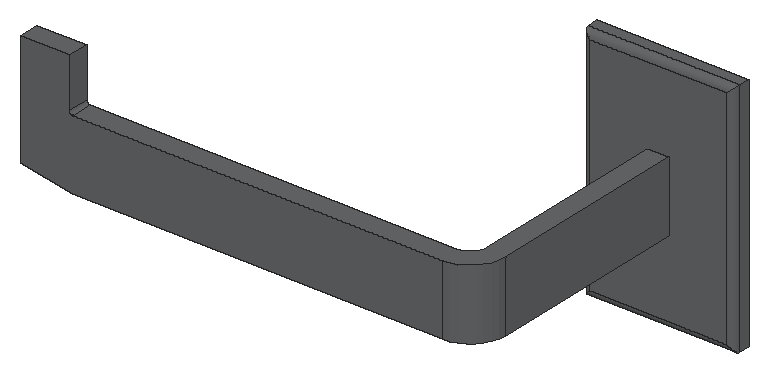
Revit family "Sanitary_Other_Slits_Toilet-Paper-Holder", category Furniture, Revit 2020
Family settings
  OmniClass Number = 23.40.20.00
  OmniClass Title = General Furniture and Specialties
  Work Plane-Based = Yes
  Always vertical = No
  Cut with Voids When Loaded = No
  Shared = No
  Room Calculation Point = No
Parameters (values of type "Slits spare toilet paper holder")
  WarrantyStartDate [instance] = "n/a"
  WarrantyGuarantorParts = "n/a"
  WarrantyGuarantorLabor = "n/a"
  WarrantyDurationUnit = "Years"
  WarrantyDurationParts = "n/a"
  WarrantyDurationLabor = "n/a"
  WarrantyDescription = "n/a"
  VersionDate = "06/07/2023"  # constant formula
  Version = "1"  # constant formula
  Uniclass2015Reference = "Pr_40_70_22_90"
  Uniclass2015Description = "Toilet paper dispensers"
  Uniclass2 = "Pr_40_70_22_90"
  URL = "https://www.svedholm.se/en/products/accessories/slits-toalettpappershallare-2"
  Type Comments = ""
  TagNumber [instance] = "n/a"
  SustainabilityPerformance = "n/a"
  Style = "n/a"
  Size = "68x149x73 mm"
  Shape = "Sculptured"
  SerialNumber [instance] = "n/a"
  Revision = "n/a"
  ReplacementCost = "n/a"
  ProductInformation = "A toilet paper holder made of powder coated steel. All colours are available upon request.\r\nThe entire SLITS collection is approved by the Swedish BYGGVARUBEDÖMNINGEN and assessed in SundaHus Material Data."
  NominalLength = 148.5 mm
  NominalHeight = 68 mm
  NominalDepth = 73 mm
  Name = "Slits_Toilet-Paper-Holder"
  NBSReference = "45-35-72/336"
  NBSDescription = "Mirrors"
  ModelReference = "n/a"
  ModelNumber = "410.600.053 for right / 410.600.054  for left"
  MirrorMainMaterial = RAL 7021
  Material = "Metal"
  ManufacturerURL = "https://www.svedholm.se/en"
  ManufacturerName = "Svedholm"
  Model = "Slits spare toilet paper holder"
  Manufacturer = "Svedholm"
  MainColor = "White"
  InstallationDate [instance] = "n/a"
  IfcExportType = "MIRROR"  # constant formula
  IfcExportAs = "IfcFurnishingElementType"  # constant formula
  Grade = "n/a"
  Finish = "n/a"
  Features = "n/a"
  ExpectedLife = "n/a"
  DurationUnit = "Year"
  Description = "A toilet paper holder made of powder coated steel. All colours are available upon request.\r\nThe entire SLITS collection is approved by the Swedish BYGGVARUBEDÖMNINGEN and assessed in SundaHus Material Data."
  Default Elevation = 1219.2 mm
  Cost = 0
  Constituents = "n/a"
  Color = "Various"
  CodePerformance = "n/a"
  Barcode [instance] = "n/a"
  AssetIdentifier [instance] = "n/a"
  Category = "n/a"
  Brand = "Svedholm"
  BIMObjectName = "Sanitary_Other_Slits_Toilet-Paper-Holder"
  Author = "BIMStone"  # constant formula
  AssetType = "Fixed"
  AccessibilityPerformance = "n/a"
Reference planes
  plane 1 "Center (Front/Back)": y = 0
  plane 2: z = 0
  plane 3 "Center (Left/Right)": x = 0
  plane 4: y = 36.5
  plane 5: y = -36.5
  plane 6: x = -74.25
  plane 7: x = 74.25
  plane 8: z = 68
Dimensions and locks
  equal spacing: plane 5, plane 1 "Center (Front/Back)", plane 4
  "NominalDepth": plane 5 to plane 4
  equal spacing: plane 6, plane 3 "Center (Left/Right)", plane 7
  "NominalLength": plane 6 to plane 7
  "NominalHeight": plane 8 to level
  aligned and locked: level to plane 2
Nested families
  nested 1: "SLITS TOILET PAPER HOLDER" at (0, 36.5, 0), main material <- "MirrorMainMaterial", type "SLITS PAPER DISPENSER 200"
    with main material RAL 7021
Definition of nested family "SLITS TOILET PAPER HOLDER"
  Parameters
    main material [instance] = none
    Default Elevation = 0 mm
  Reference planes
    plane 1 "Center (Front/Back)": y = 0
    plane 2: z = 0
    plane 3 "Center (Left/Right)": x = 0
    plane 4: z = 68
    plane 5: x = -74.25
    plane 6: x = 74.25
    plane 7: y = -73
  Forms (mm)
    Extrusion 1, solid, material <- "main material", detail levels medium+fine
      sketch origin (0, -38, 0) x (1, 0, 0) y (0, 0, 1)
        loop
          line (74.25, 68) -> (31.25, 68) -> (31.25, 0) -> (74.25, 0) -> (74.25, 68)
      from -38 to -33
    Sweep 2, void
      path in 3D
        loop
          line (31.25, -5, 68) -> (31.25, -5, 0) -> (74.25, -5, 0) -> (74.25, -5, 68) -> (31.25, -5, 68)
      profile origin (52.75, -5, 68) x (0, -1, 0) y (0, 0, 1)
        loop
          line (0, 0) -> (-2, 0)
          arc (-2, 0) -> (-0.586, -0.586) -> (0, -2) r 2
          line (0, -2) -> (0, 0)
    Extrusion 3, solid, material <- "main material", detail levels medium+fine
      sketch origin (0, 0, 0) x (1, 0, 0) y (0, 1, 0)
        loop
          line (49.75, 0) -> (49.75, -62)
          arc (49.75, -62) -> (48.286, -65.536) -> (44.75, -67) r 5
          line (44.75, -67) -> (-74.25, -67) -> (-74.25, -73) -> (45.75, -73)
          arc (45.75, -73) -> (52.821, -70.071) -> (55.75, -63) r 10
          line (55.75, -63) -> (55.75, 0) -> (49.75, 0)
      from 24 to 59
    Extrusion 4, void
      sketch origin (0, 0, 0) x (1, 0, 0) y (0, 0, 1)
        loop
          line (-81.71, 27.96) -> (-81.71, 23.117) -> (-54.245, 23.117) -> (-81.71, 27.96)
        loop
          arc (-60.25, 45) -> (-59.957, 44.293) -> (-59.25, 44) r 1
          line (-59.25, 44) -> (60.25, 44) -> (60.25, 64.5) -> (-60.25, 64.5) -> (-60.25, 45)
      from 0 to 250
    Extrusion 5, solid, material <- "main material", detail levels coarse
      sketch origin (0, 0, 0) x (0, 1, 0) y (0, 0, 1)
        loop
          line (-73, 68) -> (-73, 0) -> (0, 0) -> (0, 68) -> (-73, 68)
      from -74.25 to 74.25
  Cuts and joins
    Sweep 2 cuts Extrusion 1
    Extrusion 4 cuts Extrusion 3
    joined: Extrusion 1, Extrusion 3
  Lines and regions (mm)
    sketch lines
      curve 1: line (74.25, -5, 68) -> (31.25, -5, 68)
      curve 2: line (31.25, -5, 68) -> (31.25, -5, 0)
      curve 3: line (74.25, -5, 0) -> (74.25, -5, 68)
      curve 4: line (31.25, -5, 0) -> (74.25, -5, 0)
    symbolic lines, detail levels medium+fine
      curve 5: line (-74.25, -67, 0) -> (-74.25, -73, 0)
      curve 6: line (-74.25, -73, 0) -> (-60.25, -73, 0)
      curve 8: line (-60.25, -67, 0) -> (-74.25, -67, 0)
      curve 9: line (-60.25, -67, 0) -> (-59.25, -67, 0)
      curve 11: line (-59.25, -73, 0) -> (-60.25, -73, 0)
      curve 12: line (-59.25, -73, 0) -> (45.75, -73, 0)
      curve 13: line (-59.25, -67, 0) -> (44.75, -67, 0)
      curve 14: arc (44.75, -67, 0) -> (48.286, -65.536, 0) -> (49.75, -62, 0) r 5
      curve 15: line (49.75, -62, 0) -> (49.75, -5, 0)
      curve 17: line (55.75, -5, 0) -> (55.75, -63, 0)
      curve 18: arc (55.75, -63, 0) -> (52.821, -70.071, 0) -> (45.75, -73, 0) r 10
      curve 19: line (74.277, 0, 0) -> (31.25, 0, 0)
      curve 20: line (31.25, 0, 0) -> (31.25, -3, 0)
      curve 21: line (33.25, -5, 0) -> (49.75, -5, 0)
      curve 22: line (55.75, -5, 0) -> (72.277, -5, 0)
      curve 23: line (74.277, -3, 0) -> (74.277, 0, 0)
      curve 24: arc (33.25, -5, 0) -> (31.836, -4.414, 0) -> (31.25, -3, 0) r 2
      curve 25: arc (72.277, -5, 0) -> (73.691, -4.414, 0) -> (74.277, -3, 0) r 2
      curve 26: line (74.25, 0, 68) -> (74.25, 0, 0)
      curve 27: line (74.25, 0, 0) -> (31.25, 0, 0)
      curve 28: line (31.25, 0, 0) -> (31.25, 0, 24)
      curve 29: line (31.25, 0, 68) -> (74.25, 0, 68)
      curve 32: line (-59.25, 0, 24) -> (-74.25, 0, 26.645)
      curve 33: line (-74.25, 0, 26.645) -> (-74.25, 0, 59)
      curve 34: line (-74.25, 0, 59) -> (-60.25, 0, 59)
      curve 35: line (-60.25, 0, 59) -> (-60.25, 0, 45)
      curve 36: arc (-60.25, 0, 45) -> (-59.957, 0, 44.293) -> (-59.25, 0, 44) r 1
      curve 37: line (-59.25, 0, 44) -> (31.25, 0, 44)
      curve 39: line (31.25, 0, 44) -> (31.25, 0, 68)
      curve 40: line (31.25, 0, 24) -> (-59.25, 0, 24)
      curve 41: line (0, 0, 68) -> (0, 0, 0)
      curve 42: line (0, 0, 0) -> (0, -3, 0)
      curve 43: arc (0, -3, 0) -> (0, -4.414, 0.586) -> (0, -5, 2) r 2
      curve 44: line (0, -5, 2) -> (0, -5, 24)
      curve 46: line (0, -5, 44) -> (0, -5, 66)
      curve 47: arc (0, -5, 66) -> (0, -4.519, 67.311) -> (0, -3.305, 68) r 2.027
      curve 48: line (0, -3.305, 68) -> (0, 0, 68)
      curve 49: line (0, -5, 44) -> (0, -67, 44)
      curve 50: line (0, -67, 44) -> (0, -67, 59)
      curve 51: line (0, -67, 59) -> (0, -73, 59)
      curve 52: line (0, -73, 59) -> (0, -73, 26.645)
      curve 56: line (0, -67, 24) -> (0, -73, 24)
      curve 57: line (0, -73, 24) -> (0, -73, 26.645)
      curve 58: line (0, -67, 24) -> (0, -5, 24)
    symbolic lines, detail levels fine
      curve 7: line (-60.25, -73, 0) -> (-60.25, -67, 0)
      curve 10: line (-59.25, -67, 0) -> (-59.25, -73, 0)
      curve 16: line (49.75, -5, 0) -> (55.75, -5, 0)
      curve 30: line (55.75, 0, 44) -> (55.75, 0, 24)
      curve 31: line (55.75, 0, 24) -> (31.25, 0, 24)
      curve 38: line (31.25, 0, 44) -> (55.75, 0, 44)
      curve 45: line (0, -5, 24) -> (0, -5, 44)
      curve 53: line (0, -73, 26.645) -> (0, -67, 26.645)
      curve 54: line (0, -67, 26.645) -> (0, -67, 44)
      curve 55: line (0, -67, 26.645) -> (0, -67, 24)
  Dimensions and locks
    aligned and locked: level to plane 2
